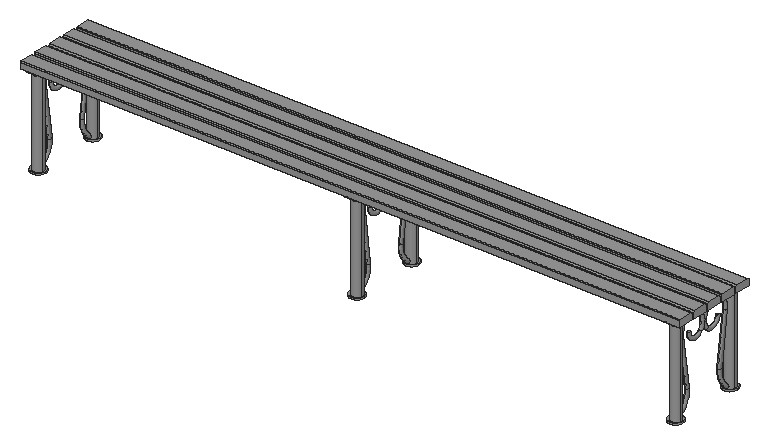
Revit family "Банкетка стальная «Узоры» Арт 7126", category Антураж, Revit 2018
Family settings
  На основе рабочей плоскости = Нет
  Всегда вертикально = Да
  При загрузке вырезать с полостями = Нет
  Источник визуального образа = Геометрия семейства
  Общий = Нет
  Точка расчета площади = Нет
Parameters (values of type "Версия 3,0 м (3 опоры)")
  Ширина = 390 mm  # constant formula
  Цвет опоры = Сталь
  Средняя опора = or([Версия 2,0 м (3 опоры)], [Версия 3,0 м (3 опоры)])  # yes
  Описание = if([Версия 0,6 м (кресло)], "Банкетка стальная «Узоры». Версия 0,6 м (кресло)", if([Версия 1,2 м], "Банкетка стальная «Узоры». Версия 1,2 м", if([Версия 1,5 м], "Банкетка стальная «Узоры». Версия 1,5 м", if([Версия 1,8 м], "Банкетка стальная «Узоры». Версия 1,8 м", if([Версия 2,0 м (2 опоры)], "Банкетка стальная «Узоры». Версия 2,0 м (2 опоры)", if([Версия 2,0 м (3 опоры)], "Банкетка стальная «Узоры». Версия 2,0 м (3 опоры)", "Банкетка стальная «Узоры». Версия 3,0 м (3 опоры)"))))))  # "Банкетка стальная «Узоры». Версия 3,0 м (3 опоры)"
  Материал изделия = "Сталь, дерево"  # constant formula
  Изображение типоразмера = Банкетка стальная «Узоры» Арт. 7126.jpg
  Изготовитель = "ООО «Хоббика»"  # constant formula
  Длина = if([Версия 0,6 м (кресло)], 600 mm, if([Версия 1,2 м], 1200 mm, if([Версия 1,5 м], 1500 mm, if([Версия 1,8 м], 1800 mm, if(or([Версия 2,0 м (2 опоры)], [Версия 2,0 м (3 опоры)]), 2000 mm, 3000 mm)))))  # 3000 mm
  Группа модели = "Садовые скамейки"  # constant formula
  Высота = 444 mm  # constant formula
  Версия 3,0 м (3 опоры) = not(or([Версия 0,6 м (кресло)], [Версия 1,2 м], [Версия 1,5 м], [Версия 1,8 м], [Версия 2,0 м (2 опоры)], [Версия 2,0 м (3 опоры)]))  # yes
  Версия 2,0 м (3 опоры) = no
  Версия 2,0 м (2 опоры) = no
  Версия 1,8 м = no
  Версия 1,5 м = no
  Версия 1,2 м = no
  Версия 0,6 м (кресло) = no
  Артикул товара = "Арт. 7126"  # constant formula
  URL = "https://hobbyka.ru/product/skamia_bez_spinki_uzory/"
Types (8, lengths in mm): name | Средняя опора | Описание | Длина | Версия 3,0 м (3 опоры) | Версия 2,0 м (3 опоры) | Версия 2,0 м (2 опоры) | Версия 1,8 м | Версия 1,5 м | Версия 1,2 м | Версия 0,6 м (кресло)
  (no name) | yes | "Банкетка стальная «Узоры». Версия 3,0 м (3 опоры)" | 3000 | yes | no | no | no | no | no | no
  Версия 0,6 м (кресло) | no | "Банкетка стальная «Узоры». Версия 0,6 м (кресло)" | 600 | no | no | no | no | no | no | yes
  Версия 1,2 м | no | "Банкетка стальная «Узоры». Версия 1,2 м" | 1200 | no | no | no | no | no | yes | no
  Версия 1,5 м | no | "Банкетка стальная «Узоры». Версия 1,5 м" | 1500 | no | no | no | no | yes | no | no
  Версия 1,8 м | no | "Банкетка стальная «Узоры». Версия 1,8 м" | 1800 | no | no | no | yes | no | no | no
  Версия 2,0 м (2 опоры) | no | "Банкетка стальная «Узоры». Версия 2,0 м (2 опоры)" | 2000 | no | no | yes | no | no | no | no
  Версия 2,0 м (3 опоры) | yes | "Банкетка стальная «Узоры». Версия 2,0 м (3 опоры)" | 2000 | no | yes | no | no | no | no | no
  Версия 3,0 м (3 опоры) | yes | "Банкетка стальная «Узоры». Версия 3,0 м (3 опоры)" | 3000 | yes | no | no | no | no | no | no
Reference planes
  plane 1 "По центру (Вперед/Назад)": y = 0
  plane 2: z = 0
  plane 3 "По центру (Влево/Вправо)": x = 0
  plane 4: y = 390
  plane 5: x = 3000
  plane 6: x = 50
  plane 7: x = 2950
  plane 8: z = 444
Forms (mm)
  Extrusion 1, solid, material "Дерево"
    sketch origin (0, 0, 0) x (0, 1, 0) y (0, 0, 1)
      loop
        line (385, 444) -> (325, 444) -> (320, 439) -> (320, 412) -> (390, 412) -> (390, 439) -> (385, 444)
      loop
        line (305, 444) -> (245, 444) -> (240, 439) -> (240, 412) -> (310, 412) -> (310, 439) -> (305, 444)
      loop
        line (225, 444) -> (165, 444) -> (160, 439) -> (160, 412) -> (230, 412) -> (230, 439) -> (225, 444)
      loop
        line (145, 444) -> (85, 444) -> (80, 439) -> (80, 412) -> (150, 412) -> (150, 439) -> (145, 444)
      loop
        line (65, 444) -> (5, 444) -> (0, 439) -> (0, 412) -> (70, 412) -> (70, 439) -> (65, 444)
    from 0 to 3000
Dimensions and locks
  "Длина": plane 3 "По центру (Влево/Вправо)" to plane 5
  locked: plane 3 "По центру (Влево/Вправо)" to plane 6 at 50
  plane 7 to plane 5 = 50 mm
  "Ширина": plane 4 to plane 1 "По центру (Вперед/Назад)"
  equal spacing: plane 6, nested 2, plane 7
  "Высота": plane 8 to plane 2
  plane 4 to plane 1 "По центру (Вперед/Назад)" = 390 mm
  aligned and locked: level to plane 2
  aligned and locked: plane 6 to nested 1
  aligned and locked: plane 7 to nested 3
  aligned and locked: plane 5 to Extrusion 1
Automatic sketch dimensions
  Extrusion 1 sketch curve to plane 1 "По центру (Вперед/Назад)" = 0 mm
  Extrusion 1 sketch curve to plane 8 = 0 mm  (x5)
  Extrusion 1 sketch curve to plane 4 = 0 mm
  Extrusion 1 sketch curve to plane 1 "По центру (Вперед/Назад)" = 5 mm
  Extrusion 1 sketch curve to Extrusion 1 sketch curve = 60 mm  (x4)
  Extrusion 1 sketch curve to Extrusion 1 sketch curve = 5 mm  (x8)
  Extrusion 1 sketch curve to plane 8 = 5 mm  (x10)
  Extrusion 1 sketch curve to Extrusion 1 sketch curve = 10 mm  (x4)
  Extrusion 1 sketch curve to plane 4 = 5 mm
  Extrusion 1 sketch curve to Extrusion 1 sketch curve = 27 mm  (x2)
  Extrusion 1 sketch curve to Extrusion 1 sketch curve = 0 mm  (x3)
Nested families
  nested 1: "Банкетка стальная «Узоры» Арт.7126 опора" at (50, 0, 0), type "Банкетка стальная «Узоры» Арт.7126 опора"
  nested 2: "Банкетка стальная «Узоры» Арт.7126 опора" at (1500, 0, 0), visible <- "Средняя опора", type "Банкетка стальная «Узоры» Арт.7126 опора"
  nested 3: "Банкетка стальная «Узоры» Арт.7126 опора" at (2950, 0, 0), type "Банкетка стальная «Узоры» Арт.7126 опора"
Definition of nested family "Банкетка стальная «Узоры» Арт.7126 опора"
  Parameters (values of type "Банкетка стальная «Узоры» Арт.7126 опора")
    Цвет опоры = none
    Height = 0 mm
  Reference planes
    plane 1 "По центру (Вперед/Назад)": y = 0
    plane 2: z = 0
    plane 3 "По центру (Влево/Вправо)": x = 0
  Forms (mm)
    Extrusion 1, solid, material <- "Цвет опоры"
      sketch origin (0, -38.088, 0) x (1, 0, 0) y (0, 1, 0)
        loop
          circle (0, 78.088) r 22.5
      from 0 to 410
    Extrusion 2, solid, material <- "Цвет опоры"
      sketch origin (0, 271.912, 0) x (1, 0, 0) y (0, 1, 0)
        loop
          circle (0, 78.088) r 22.5
      from 0 to 410
    Extrusion 3, solid, material <- "Цвет опоры"
      sketch origin (0, 0, 0) x (1, 0, 0) y (0, 1, 0)
        loop
          circle (0, 350) r 32.5
        loop
          circle (0, 40) r 32.5
      from 0 to 5
    Sweep 4, solid, material <- "Цвет опоры"
      path origin (0, 0, 0) x (0, 1, 0) y (0, 0, 1)
        loop
          arc (350, 12.489) -> (306.684, 48.521) -> (295.533, 103.749) r 84.75
          line (295.533, 103.749) -> (327.543, 331.511)
          arc (327.543, 331.511) -> (315.149, 381.22) -> (271.703, 408.368) r 68.379
          arc (271.703, 408.368) -> (201.841, 377.263) -> (204.509, 300.835) r 68.379
          arc (204.509, 300.835) -> (254.471, 284.602) -> (285.349, 327.102) r 44.687
      profile origin (0, 311.538, 217.63) x (0, -0.990268, 0.139173) y (1, 0, 0)
        loop
          circle (7.5, 0) r 7.5
    Extrusion 5, solid, material <- "Цвет опоры"
      sketch origin (0, 0, 0) x (1, 0, 0) y (0, 1, 0)
        loop
          line (-22.5, 390) -> (-22.5, 0) -> (22.5, 0) -> (22.5, 390) -> (-22.5, 390)
      from 410 to 412
    Sweep 6, solid, material <- "Цвет опоры"
      path origin (0, 390, 0) x (0, -1, 0) y (0, 0, 1)
        loop
          arc (350, 12.489) -> (306.684, 48.521) -> (295.533, 103.749) r 84.75
          line (295.533, 103.749) -> (327.543, 331.511)
          arc (327.543, 331.511) -> (315.149, 381.22) -> (271.703, 408.368) r 68.379
          arc (271.703, 408.368) -> (201.841, 377.263) -> (204.509, 300.835) r 68.379
          arc (204.509, 300.835) -> (254.471, 284.602) -> (285.349, 327.102) r 44.687
      profile origin (0, 78.462, 217.63) x (0, -0.990268, -0.139173) y (1, 0, 0)
        loop
          circle (-7.5, 0) r 7.5
  Cuts and joins
    joined: Extrusion 1, Extrusion 2, Extrusion 3
    joined: Sweep 4, Sweep 6
  Dimensions and locks
    aligned and locked: level to plane 2
